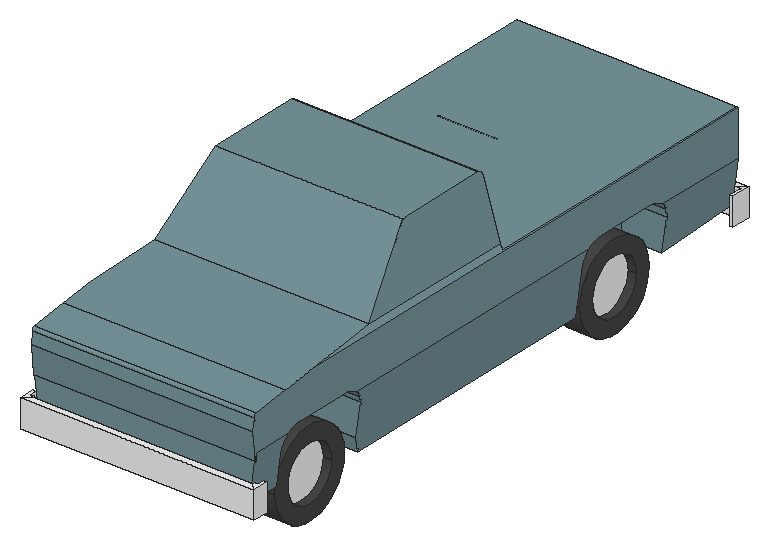
Revit family
Parameters (values of type "픽업 트럭")
  타이어 재료 = 고무 - 검은색
  재료 = 금속 - 페인트 마감 - 파란색, 하늘
Reference planes
  plane 1 "중심(앞/뒤)": x = 32.238
  plane 2: z = 0
  plane 3 "중심(왼쪽/오른쪽)": y = -32.238
  plane 4: y = 3015.762
  plane 5 "3": y = -1962.638
  plane 6 "1": x = -437.77
  plane 7 "2": x = 520.276
  plane 8: z = 623.358
Forms (mm)
  Extrusion 1, solid, material "금속 - 페인트 마감 - 파란색, 하늘" <- "재료"
    sketch origin (32.238, -6705.6, 0) x (0, -1, 0) y (0, 0, 1)
      loop
        line (-9721.362, 480.545) -> (-9005.969, 439.398) -> (-9005.969, 710.957) -> (-8993.84, 779.746)
        arc (-8993.84, 779.746) -> (-8917.232, 860.843) -> (-8809.216, 888.734) r 201.433
        line (-8809.216, 888.734) -> (-8402.816, 888.734) -> (-8320.302, 885.146)
        arc (-8320.302, 885.146) -> (-8232.332, 869.271) -> (-8159.052, 818.079) r 208.9
        line (-8159.052, 818.079) -> (-8124.979, 749.922) -> (-8124.979, 336.284) -> (-5882.04, 336.284) -> (-5850.95, 452.314) -> (-5850.95, 731.714) -> (-5837.802, 780.783)
        arc (-5837.802, 780.783) -> (-5760.078, 858.968) -> (-5651.648, 878.887) r 184.537
        line (-5651.648, 878.887) -> (-5230.789, 878.887)
        arc (-5230.789, 878.887) -> (-5090.826, 839.591) -> (-5022.638, 711.2) r 184.723
        line (-5022.638, 711.2) -> (-5022.638, 455.391) -> (-4753.676, 455.391) -> (-4753.676, 779.241) -> (-4729.781, 1006.589) -> (-4742.162, 1107.432)
        arc (-4742.162, 1107.432) -> (-4749.055, 1124.072) -> (-4765.696, 1130.965) r 23.533
        line (-4765.696, 1130.965) -> (-5061.095, 1173.526)
        arc (-5061.095, 1173.526) -> (-5510.341, 1225.952) -> (-5961.758, 1254.122) r 8400.425
        line (-5961.758, 1254.122) -> (-6450.35, 1778) -> (-7227.719, 1778)
        arc (-7227.719, 1778) -> (-7253.459, 1767.99) -> (-7265.674, 1743.221) r 38.1
        line (-7265.674, 1743.221) -> (-7311.52, 1219.2) -> (-9721.362, 1219.2) -> (-9721.362, 480.545)
    from 914.4 to -914.4
  Extrusion 2, solid, material "고무 - 검은색" <- "타이어 재료"
    sketch origin (-94.762, -1143, 1016) x (0, -1, 0) y (0, 0, 1)
      loop
        circle (-3015.773, -660.4) r 355.6
      loop
        circle (124.538, -660.4) r 355.6
      loop
        circle (124.538, -660.4) r 228.6
      loop
        circle (-3015.773, -660.4) r 228.6
    from 482.6 to 685.8
  Extrusion 3, solid, material "금속 - 페인트 마감 - 파란색, 하늘"
    sketch origin (5715, 5562.6, 0) x (1, 0, 0) y (0, 1, 0)
      loop
        line (-6152.77, -3262.231) -> (-6152.77, -4143.221) -> (-5194.724, -4143.221) -> (-5194.724, -3262.231) -> (-6152.77, -3262.231)
    from 623.627 to 595.908
  Sweep 4, solid, material "금속 - 스틸"
    path origin (5715, 5562.6, 0) x (1, 0, 0) y (0, 1, 0)
      loop
        line (-6597.162, -7462.219) -> (-6597.162, -7538.419) -> (-4771.875, -7538.419) -> (-4771.875, -7462.219)
    profile origin (0, -1937.719, 0) x (1, 0, 0) y (0, 0, 1)
      loop
        line (-882.162, 394.758) -> (-882.162, 623.358) -> (-932.962, 623.358) -> (-932.962, 394.758) -> (-882.162, 394.758)
  Sweep 5, solid, material "금속 - 스틸"
    path origin (5715, 5562.6, 0) x (1, 0, 0) y (0, 1, 0)
      loop
        line (-6597.162, -2659.58) -> (-6597.162, -2546.838) -> (-4771.875, -2546.838) -> (-4771.875, -2659.58)
    profile origin (0, 2959.391, 0) x (-1, 0, 0) y (0, 0, 1)
      loop
        line (882.162, 394.758) -> (932.962, 394.758) -> (932.962, 623.358) -> (882.162, 623.358) -> (882.162, 394.758)
  Extrusion 6, solid, material "금속 - 페인트 마감 - 파란색, 하늘"
    sketch origin (520.276, 0, 0) x (0, 1, 0) y (0, 0, 1)
      loop
        line (2300.369, 710.957) -> (2288.24, 779.746)
        arc (2288.24, 779.746) -> (2211.632, 860.843) -> (2103.616, 888.734) r 201.433
        line (2103.616, 888.734) -> (1697.216, 888.734) -> (1614.702, 885.146)
        arc (1614.702, 885.146) -> (1526.732, 869.271) -> (1453.452, 818.079) r 208.9
        line (1453.452, 818.079) -> (1419.379, 749.922) -> (1419.379, 456.934) -> (2300.369, 456.934) -> (2300.369, 710.957)
    from -1005.125 to -958.056
  Extrusion 7, solid, material "금속 - 페인트 마감 - 파란색, 하늘"
    sketch origin (520.276, 5562.6, 0) x (0, 1, 0) y (0, 0, 1)
      loop
        line (-3262.231, 710.957) -> (-3274.36, 779.746)
        arc (-3274.36, 779.746) -> (-3350.968, 860.843) -> (-3458.984, 888.734) r 201.433
        line (-3458.984, 888.734) -> (-3865.384, 888.734) -> (-3947.898, 885.146)
        arc (-3947.898, 885.146) -> (-4035.868, 869.271) -> (-4109.148, 818.079) r 208.9
        line (-4109.148, 818.079) -> (-4143.221, 749.922) -> (-4143.221, 456.934) -> (-3262.231, 456.934) -> (-3262.231, 710.957)
    from 0 to 35.322
  Extrusion 8, solid, material "금속 - 스틸"
    sketch origin (520.276, 0, 0) x (0, 1, 0) y (0, 0, 1)
      loop
        circle (1872.773, 355.6) r 228.6
      loop
        circle (-1267.538, 355.6) r 228.6
    from -1225.37 to -1097.558
  Extrusion 9, solid, material "고무 - 검은색" <- "타이어 재료"
    sketch origin (159.238, -1143, 1016) x (0, -1, 0) y (0, 0, -1)
      loop
        circle (-3015.773, 660.4) r 355.6
      loop
        circle (124.538, 660.4) r 355.6
      loop
        circle (124.538, 660.4) r 228.6
      loop
        circle (-3015.773, 660.4) r 228.6
    from 482.6 to 685.8
  Extrusion 10, solid, material "금속 - 스틸"
    sketch origin (-455.799, 5562.6, 0) x (0, 1, 0) y (0, 0, -1)
      loop
        circle (-3689.827, -355.6) r 228.6
      loop
        circle (-6830.138, -355.6) r 228.6
    from -1225.37 to -1097.558
  Extrusion 11, void
    sketch origin (0, -1962.638, 0) x (0, 0, 1) y (-1, 0, 0)
      loop
        line (1778, 907.562) -> (305.331, 907.562) -> (305.331, 815.84) -> (854.18, 884.29) -> (1207.088, 884.29) -> (1254.122, 853.203) -> (1778, 735.726) -> (1778, 907.562)
      loop
        line (1778, -972.038) -> (1778, -800.203) -> (1254.122, -917.68) -> (1207.088, -948.767) -> (854.18, -948.767) -> (305.331, -880.317) -> (305.331, -972.038) -> (1778, -972.038)
    from -4978.4 to -10.714
Cuts and joins
  Extrusion 11 cuts Extrusion 1
  Extrusion 11 cuts Extrusion 2
  Extrusion 11 cuts Extrusion 3
  Extrusion 11 cuts Sweep 4
  Extrusion 11 cuts Sweep 5
  Extrusion 11 cuts Extrusion 6
  Extrusion 11 cuts Extrusion 7
  Extrusion 11 cuts Extrusion 8
  Extrusion 11 cuts Extrusion 9
  Extrusion 11 cuts Extrusion 10
Lines and regions (mm)
  Split face 1
    outline origin (-882.162, -743.842, 1254.122) x (1, 0, 0) y (0, 0.682049, 0.731307)
      loop
        line (167.387, 661.115) -> (63.523, 33.933) -> (1765.323, 33.933) -> (1665.987, 661.115) -> (167.387, 661.115)
  Split face 2
    outline origin (-853.203, -1951.924, 1254.122) x (0.218811, 0, 0.975767) y (0, 1, 0)
      loop
        line (23.467, 2458.563) -> (23.467, 1268.787) -> (493.367, 1706.975) -> (493.367, 2417.452) -> (23.467, 2458.563)
  Split face 3
    outline origin (800.203, -1951.924, 1778) x (0.218811, 0, -0.975767) y (0, 1, 0)
      loop
        line (42.865, 2418.047) -> (42.865, 1706.99) -> (512.765, 1268.801) -> (512.765, 2459.158) -> (42.865, 2418.047)
  Split face 4
    outline origin (-882.162, 560.074, 1743.221) x (1, 0, 0) y (0, 0.087156, -0.996195)
      loop
        line (1668.055, 13.322) -> (1761.77, 455.962) -> (67.547, 455.962) -> (167, 13.322) -> (1668.055, 13.322)
  symbolic lines, style "물류"
    curve 1: line (-484.849, 2288.24, 0) -> (-802.432, 2288.24, 0)
    curve 2: line (-484.849, 1453.452, 0) -> (-802.432, 1453.452, 0)
    curve 3: line (-484.849, 1453.452, 0) -> (-484.849, 2288.24, 0)
    curve 4: line (-802.432, 605.92, 0) -> (-802.432, 2977.662, 0)
    curve 5: line (866.909, 2977.662, 0) -> (-802.432, 2977.662, 0)
    curve 6: line (549.326, 2288.24, 0) -> (866.909, 2288.24, 0)
    curve 7: line (549.326, 1453.452, 0) -> (866.909, 1453.452, 0)
    curve 8: line (549.326, 1453.452, 0) -> (549.326, 2288.24, 0)
    curve 9: line (866.909, 605.92, 0) -> (866.909, 2977.662, 0)
